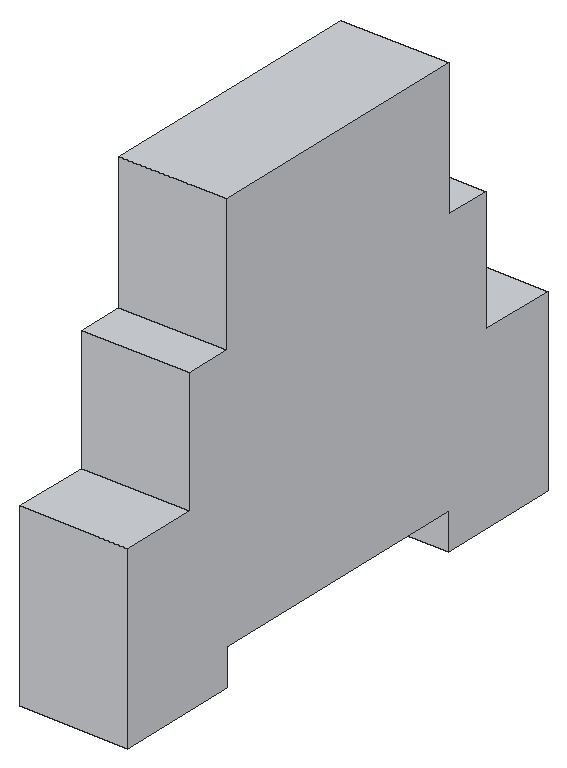
Revit family "Power-ModularDevices-GEWISS-90AM-TIMER", category Apparecchi elettrici, host Superficie, Revit 2016 (continued)
Definition of nested family "GENERICO - 90AM TEMPORIZZATORI"
  Automatic sketch dimensions
    curve 131 to curve 129 = 1.23 mm
    curve 128 to plane 1 "Centro (Fronte/Retro)" = 1.581 mm
    plane 1 "Centro (Fronte/Retro)" to curve 153 = 1.772 mm
    curve 154 to plane 3 "Centro (Sinistra/Destra)" = 0.328 mm
    curve 152 to curve 154 = 0.45 mm
    curve 151 to curve 150 = 1.23 mm  (x2)
    curve 153 to curve 154 = 1.23 mm
    curve 155 to plane 3 "Centro (Sinistra/Destra)" = 1.558 mm
    curve 154 to curve 155 = 1.68 mm
    curve 144 to plane 3 "Centro (Sinistra/Destra)" = 2.008 mm
    curve 149 to curve 148 = 1.68 mm
    curve 145 to plane 3 "Centro (Sinistra/Destra)" = 1.558 mm
    plane 3 "Centro (Sinistra/Destra)" to curve 147 = 3.032 mm
    curve 149 to curve 147 = 1.23 mm
    curve 144 to curve 145 = 1.23 mm
    curve 146 to plane 3 "Centro (Sinistra/Destra)" = 0.328 mm
    plane 3 "Centro (Sinistra/Destra)" to curve 146 = 1.352 mm
    plane 3 "Centro (Sinistra/Destra)" to curve 135 = 1.352 mm
    plane 3 "Centro (Sinistra/Destra)" to curve 135 = 3.032 mm
    curve 133 to plane 3 "Centro (Sinistra/Destra)" = 0.328 mm
    curve 97 to curve 105 = 0.096 mm
    curve 136 to curve 136 = 1.23 mm
    curve 133 to plane 3 "Centro (Sinistra/Destra)" = 1.558 mm
    plane 3 "Centro (Sinistra/Destra)" to curve 137 = 4.262 mm
    curve 132 to curve 143 = 1.68 mm  (x2)
    curve 132 to plane 3 "Centro (Sinistra/Destra)" = 2.008 mm
    curve 137 to curve 138 = 1.68 mm
    curve 143 to plane 3 "Centro (Sinistra/Destra)" = 1.558 mm
    curve 98 to curve 106 = 0.096 mm
    curve 142 to plane 3 "Centro (Sinistra/Destra)" = 0.328 mm
    plane 3 "Centro (Sinistra/Destra)" to curve 140 = 1.352 mm
    curve 107 to curve 96 = 0.061 mm
    curve 101 to curve 92 = 0.061 mm
    curve 102 to curve 93 = 0.061 mm
    curve 106 to curve 97 = 0.061 mm
    plane 3 "Centro (Sinistra/Destra)" to curve 129 = 1.352 mm
    plane 3 "Centro (Sinistra/Destra)" to curve 152 = 1.352 mm
    curve 129 to curve 128 = 1.68 mm
    curve 108 to curve 62 = 0.247 mm
    curve 75 to curve 109 = 0.008 mm
    curve 148 to curve 148 = 1.23 mm
    curve 139 to curve 139 = 1.23 mm
    curve 138 to curve 137 = 0.45 mm
    curve 113 to curve 122 = 3.231 mm
    curve 122 to curve 124 = 0.45 mm
    curve 123 to curve 124 = 1.23 mm
    curve 152 to curve 151 = 0.45 mm
    curve 123 to curve 125 = 1.23 mm
    curve 29 to plane 11 = 2.228 mm
    curve 109 to curve 111 = 1.68 mm
    curve 111 to curve 112 = 1.23 mm
    curve 111 to curve 111 = 0.45 mm
    curve 117 to curve 117 = 1.68 mm
    curve 116 to curve 116 = 1.68 mm
    curve 120 to curve 120 = 1.68 mm
    curve 124 to curve 125 = 1.68 mm
    curve 125 to curve 127 = 1.68 mm
    curve 128 to curve 128 = 0.45 mm
    curve 127 to curve 127 = 1.23 mm
    curve 126 to curve 125 = 0.45 mm
    curve 144 to curve 145 = 1.68 mm
    curve 152 to curve 152 = 1.68 mm
    curve 150 to curve 150 = 1.68 mm
    curve 150 to curve 150 = 0.45 mm
    curve 145 to curve 147 = 0.45 mm
    curve 134 to curve 136 = 0.45 mm
    curve 133 to curve 132 = 1.23 mm
    curve 136 to curve 138 = 1.68 mm
    curve 142 to curve 142 = 1.23 mm
    curve 138 to curve 139 = 1.23 mm
    curve 139 to curve 141 = 0.45 mm
    curve 140 to curve 139 = 1.68 mm
    curve 146 to curve 134 = 3.206 mm
    curve 134 to curve 133 = 0.45 mm
    radius of curve 436 = 2 mm
    radius of curve 437 = 2 mm
    radius of curve 438 = 2 mm
    radius of curve 439 = 2 mm
Definition of nested family "MANOVRA"
  Reference planes
    plane 1: y = 0
    plane 2: x = 0
  Lines and regions (mm)
    detail lines, not visible
      curve 1: line (0, 0, 0) -> (-0.001, 3.334, 0)
      curve 2: line (0.277, 3.334, 0) -> (-0.278, 3.334, 0)
      curve 3: line (-0.278, 3.334, 0) -> (-0.001, 4.223, 0)
      curve 4: line (-0.001, 4.223, 0) -> (0.277, 3.334, 0)
      curve 5: line (0.277, 3.334, 0) -> (-0.001, 4.223, 0)
      curve 6: line (-0.001, 4.223, 0) -> (-0.278, 3.334, 0)
      curve 7: line (-0.278, 3.334, 0) -> (0.277, 3.334, 0)
      curve 8: line (0.277, 3.334, 0) -> (-0.001, 4.223, 0)
      curve 9: line (-0.001, 4.223, 0) -> (-0.278, 3.334, 0)
      curve 10: line (-0.445, 4.612, 0) -> (0.444, 4.612, 0)
      curve 11: line (0.444, 4.612, 0) -> (0.444, 2.39, 0)
      curve 12: line (0.444, 2.39, 0) -> (-0.445, 2.389, 0)
      curve 13: line (-0.445, 2.389, 0) -> (-0.445, 4.612, 0)
      curve 18: line (5.101, 5.36, 0) -> (5.101, 6.027, 0)
      curve 19: line (4.934, 5.36, 0) -> (5.268, 5.36, 0)
      curve 20: line (4.545, 5.249, 0) -> (5.101, 4.082, 0)
      curve 21: line (5.101, 4.082, 0) -> (5.101, 1.026, 0)
    detail lines
      curve 14: line (0, 4.334, 0) -> (0, 5.001, 0)
      curve 15: line (-0.167, 4.334, 0) -> (0.167, 4.334, 0)
      curve 16: line (-0.556, 4.223, 0) -> (0, 3.056, 0)
      curve 17: line (0, 3.056, 0) -> (0, 0, 0)
  Dimensions and locks
    aligned and locked: plane 1 to curve 17
    aligned and locked: curve 17 to plane 2
Types (4, lengths in mm): name | Version file RFA | URL | Type: | Type of contacts | Type | Technical sheet | TIPO | SEO | Regulation field: | Regulation field | Rated coil voltage (V) | Produttore | No. of modules EN 50022 | No. Chorus modules | Modello | Immagine tipo | IDT | IDF | Electrocod | EAN code | Descrizione | Contacts | Contact rating - In | Catalogue Range | Catalogue
  (no name) | "" | 0 | "" | "" | "" | "" | GENERICO - 90AM TEMPORIZZATORI : GW96809 Temporizzatore luce scale - 230Vac - 1M | "" | "" | "" | "" | "GEWISS" | "" | "" | "GW96809" | GW96814.jpg | "" | "" | "" | "" | "TEMPORIZZATORE LUCE SCALE" | "" | "" | "" | ""
  GW96815 - ASYMMETRICAL TIMER | "18.0" | "https://www.gewiss.com/ww/en" | "Asymmetric cycle" | "1 Changeover" | "Asymmetric cycle" | "https://www.gewiss.com/ww/en/search?q=GW96815" | GENERICO - 90AM TEMPORIZZATORI : GW96815 Temporizzatore a ciclo asimmetrico - 12…240Vac/dc - 1M | "Timer" | "0.05 s - 100 h" | "0.05 s - 100 h" | "12....240 ac/dc" | "GEWISS S.p.A." | "1" | "1" | "GW96815" | GW96815.jpg | "bd5a74f1-e94d-4260-9f48-b7ba93ba89da" | "10748350-1a66-4b6d-9d19-cdfde2de801f" | "140" | "8011564760028" | "ASYMMETRICAL TIMER" | "1 Changeover" | "8A" | "90 AM" | "POWER"
  GW96814 - MULTIFUNCTIONAL TIMER | "18.0" | "https://www.gewiss.com/ww/en" | "Multi-function" | "1 Changeover" | "Multi-function" | "https://www.gewiss.com/ww/en/search?q=GW96814" | GENERICO - 90AM TEMPORIZZATORI : GW96814 Temporizzatore multifunzione - 24…240Vac/dc - 1M | "Timer" | "0.05 s - 100 h" | "0.05 s - 100 h" | "24....240 ac/dc" | "GEWISS S.p.A." | "1" | "1" | "GW96814" | GW96814.jpg | "829b22aa-1ca0-41d1-a18d-d93f30d4d1e7" | "10748350-1a66-4b6d-9d19-cdfde2de801f" | "140" | "8011564443105" | "MULTIFUNCTIONAL TIMER" | "1 Changeover" | "8A" | "90 AM" | "POWER"
  GW96809 Temporizzatore luce scale - 230Vac - 1M | "" | 0 | "" | "" | "" | "" | GENERICO - 90AM TEMPORIZZATORI : GW96809 Temporizzatore luce scale - 230Vac - 1M | "" | "" | "" | "" | "GEWISS" | "" | "" | "GW96809" | GW96814.jpg | "" | "" | "" | "" | "TEMPORIZZATORE LUCE SCALE" | "" | "" | "" | ""
